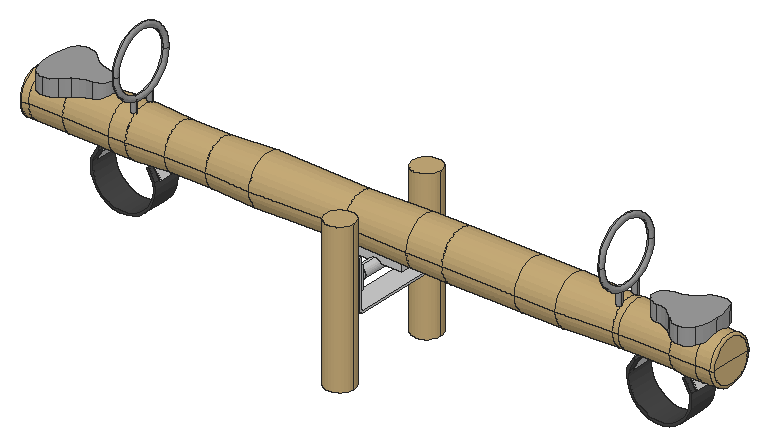
Revit family "L-FUP_시소_BN-02_예건", category 일반 모델, Revit 2019
Family settings
  보강 철근 호스트 가능 = 아니오
  원형 커넥터 치수 = 지름 사용
  부품 유형 = 보통
  작업 기준면 기반 = 아니오
  항상 수직 = 예
  로드될 때 보이드를 사용하여 절단 = 아니오
  공유 = 아니오
  룸 계산 점 = 아니오
Parameters
  한국산업규격KS = ""
  조달청표준공사코드-세부공종 = ""
  건설정보분류체계-부위분류 = "E94345"
  LIM_INFO_주의사항 = "재배포, 재가공, 판매 금지"
  LIM_INFO_제품업체 = "예건"
  LIM_INFO_제품번호 = "BN-02"
  LIM_INFO_제품명 = "숲속시소_BN-02"
  LIM_INFO_제작일 = "2021.12."
  LIM_INFO_재료 = "아까시 기둥, 우레탄 안장, STS-pipe"
  LIM_INFO_업체정보 = ""
  LIM_INFO_업체URL = "https://yekun.com/"
  LIM_INFO_업체TEL = "(+82)31-943-6114"
  LIM_INFO_업체EMAIL = "yekun@yekun.com"
  LIM_INFO_버전 = "2022_V01"
  LIM_INFO_기타정보 = "2인용"
  LIM_INFO_규격 = "W3000 x D600 x H880 / 안전거리 : 5000 x 2600"
  LIM_INFO_가격 = 0
  LIM_INFO_PV_포장재여부 = yes
  LIM_INFO_PV_면적 = 0.00 m²
  KBIMS_식별-버전 = ""
  KBIMS_식별-bSK등록번호 = ""
  KBIMS_보급정보-저작자 = "림인포테크_MMJ"
  KBIMS_보급정보-보급코드 = ""
Reference planes
  plane 1 "중심(앞/뒤)": y = 0
  plane 2: z = 0
  plane 3 "중심(왼쪽/오른쪽)": x = 0
Dimensions and locks
  aligned and locked: level to plane 2
Nested families
  nested 1: "패밀리18" at (0, 0, 0), type "패밀리18"
Definition of nested family "패밀리18"
  Reference planes
    plane 1 "중심(앞/뒤)": y = 0
    plane 2: z = 0
    plane 3 "중심(왼쪽/오른쪽)": x = 0
  Forms (mm)
    Revolve 1, solid, detail levels fine
      sketch origin (-1281.465, -3894.554, 510) x (1, 0, 0) y (0, 1, 0)
        loop
          line (1281.465, 4206.361) -> (1281.465, 4116.365)
          arc (1281.465, 4116.365) -> (1284.504, 4109.186) -> (1291.774, 4106.37) r 10
          line (1291.774, 4106.37) -> (1321.169, 4107.281) -> (1466.913, 4107.281)
          spline (1466.913, 4107.281) -> (1483.953, 4106.767) -> (1500.993, 4106.2) -> (1518.033, 4105.597) -> (1535.075, 4104.978) -> (1552.116, 4104.361) -> (1569.159, 4103.767) -> (1586.203, 4103.213) -> (1603.248, 4102.72) -> (1620.295, 4102.303) -> (1637.342, 4101.971) -> (1654.39, 4101.728) -> (1671.436, 4101.579)
          line (1671.436, 4101.579) -> (1743.94, 4101.579)
          arc (1743.94, 4101.579) -> (1825.136, 4103.382) -> (1906.172, 4108.787) r 1829.343
          arc (1906.172, 4108.787) -> (1995.032, 4112.735) -> (2083.892, 4108.787) r 1001.995
          arc (2083.892, 4108.787) -> (2181.241, 4102.758) -> (2278.774, 4101.981) r 1810.006
          arc (2278.774, 4101.981) -> (2481.219, 4106.774) -> (2683.701, 4109.67) r 21613.686
          arc (2683.701, 4109.67) -> (2821.218, 4108.478) -> (2958.601, 4102.26) r 3760.867
          arc (2958.601, 4102.26) -> (3036.101, 4099.797) -> (3113.601, 4102.26) r 1220.905
          arc (3113.601, 4102.26) -> (3271.101, 4107.264) -> (3428.601, 4102.26) r 2481.194
          arc (3428.601, 4102.26) -> (3516.101, 4099.48) -> (3603.601, 4102.26) r 1378.441
          arc (3603.601, 4102.26) -> (3722.827, 4110.277) -> (3842.315, 4111.578) r 2124.347
          line (3842.315, 4111.578) -> (3871.436, 4111.076)
          spline (3871.436, 4111.076) -> (3908.661, 4110.732) -> (3926.177, 4110.776) -> (3942.701, 4110.969) -> (3959.225, 4111.242) -> (3975.748, 4111.536) -> (3992.267, 4111.79) -> (4008.781, 4111.947) -> (4025.288, 4111.945) -> (4041.786, 4111.726) -> (4058.274, 4111.23) -> (4074.75, 4110.398) -> (4091.211, 4109.171)
          arc (4091.211, 4109.171) -> (4149.58, 4103.919) -> (4208.173, 4105.014) r 540.713
          spline (4208.173, 4105.014) -> (4213.425, 4105.266) -> (4218.677, 4105.507) -> (4223.929, 4105.73) -> (4229.181, 4105.926) -> (4234.433, 4106.086) -> (4239.685, 4106.202) -> (4244.936, 4106.276) -> (4250.187, 4106.312) -> (4255.438, 4106.315) -> (4260.689, 4106.293) -> (4265.939, 4106.249) -> (4271.189, 4106.189)
          arc (4271.189, 4106.189) -> (4278.341, 4109.073) -> (4281.315, 4116.188) r 10
          line (4281.315, 4116.188) -> (4281.315, 4206.361) -> (1281.465, 4206.361)
        axis (1281.465, 4206.361) -> (4281.315, 4206.361)
      angle from 0 to 360
    Extrusion 2, solid, detail levels fine
      sketch origin (-1281.465, -10521.556, 6210.424) x (0, 1, 0) y (0, 0, 1)
        loop
          arc (10998.966, -5945.286) -> (11012.401, -5939.721) -> (11017.966, -5926.286) r 19
          line (11017.966, -5926.286) -> (11017.966, -5726.286) -> (11008.966, -5726.286) -> (11008.966, -5926.286)
          arc (11008.966, -5926.286) -> (11006.037, -5933.357) -> (10998.966, -5936.286) r 10
          line (10998.966, -5936.286) -> (10656.794, -5936.286)
          arc (10656.794, -5936.286) -> (10649.723, -5933.357) -> (10646.794, -5926.286) r 10
          line (10646.794, -5926.286) -> (10646.794, -5726.286) -> (10637.794, -5726.286) -> (10637.794, -5926.286)
          arc (10637.794, -5926.286) -> (10643.359, -5939.721) -> (10656.794, -5945.286) r 19
          line (10656.794, -5945.286) -> (10998.966, -5945.286)
      from 2733 to 2830
    Extrusion 3, solid, detail levels fine
      sketch origin (-1281.465, -10521.556, 6210.424) x (0, 1, 0) y (0, 0, 1)
        loop
          line (10997.766, -5738.786) -> (10997.766, -5913.786) -> (11008.966, -5913.786) -> (11008.966, -5738.786) -> (10997.766, -5738.786)
        loop
          line (10657.994, -5738.786) -> (10646.794, -5738.786) -> (10646.794, -5913.786) -> (10657.994, -5913.786) -> (10657.994, -5738.786)
      from 2743 to 2820
    Extrusion 4, solid, detail levels fine
      sketch origin (-1281.465, -10521.556, 6210.424) x (0, 1, 0) y (0, 0, 1)
        loop
          line (10997.766, -5776.286) -> (10994.966, -5776.286) -> (10972.966, -5776.286) -> (10972.966, -5876.286) -> (10994.966, -5876.286) -> (10997.766, -5876.286) -> (10997.766, -5776.286)
        loop
          line (10657.994, -5776.286) -> (10657.994, -5876.286) -> (10660.794, -5876.286) -> (10682.794, -5876.286) -> (10682.794, -5776.286) -> (10660.794, -5776.286) -> (10657.994, -5776.286)
      from 2753 to 2810
    Extrusion 5, solid, detail levels fine
      sketch origin (-1281.465, -3894.554, 0) x (1, 0, 0) y (0, 1, 0)
        loop
          circle (2781.465, 4435.998) r 60
        loop
          circle (2781.465, 3965.998) r 60
      from 0 to 640
    Revolve 6, solid, detail levels fine
      sketch origin (1500.657, -10521.556, 6210.424) x (0, 1, 0) y (0, 0, 1)
        loop
          line (10972.966, -5826.286) -> (10957.766, -5826.286) -> (10957.766, -5850.953)
          arc (10957.766, -5850.953) -> (10958.352, -5852.367) -> (10959.766, -5852.953) r 2
          line (10959.766, -5852.953) -> (10972.966, -5852.953) -> (10972.966, -5826.286)
        axis (10972.966, -5826.286) -> (10957.766, -5826.286)
      angle from 0 to 360
    Revolve 7, solid, detail levels fine
      sketch origin (1500.657, -10521.556, 6210.424) x (0, 1, 0) y (0, 0, 1)
        loop
          line (10697.994, -5826.286) -> (10682.794, -5826.286) -> (10682.794, -5852.953) -> (10695.994, -5852.953)
          arc (10695.994, -5852.953) -> (10697.409, -5852.367) -> (10697.994, -5850.953) r 2
          line (10697.994, -5850.953) -> (10697.994, -5826.286)
        axis (10697.994, -5826.286) -> (10682.794, -5826.286)
      angle from 0 to 360
    Revolve 8, solid, detail levels fine
      sketch origin (1500.657, -10521.556, 6210.424) x (0, 1, 0) y (0, 0, 1)
        loop
          line (10957.766, -5826.286) -> (10697.994, -5826.286) -> (10697.994, -5851.046) -> (10957.766, -5851.046) -> (10957.766, -5826.286)
        axis (10697.994, -5826.286) -> (10957.766, -5826.286)
      angle from 0 to 360
    Extrusion 9, solid, detail levels fine
      sketch origin (-1281.465, -3894.554, 0) x (0, 1, 0) y (0, 0, 1)
        loop
          line (4155.508, 445.516) -> (4155.508, 393.555) -> (4245.508, 393.555) -> (4245.508, 445.516) -> (4155.508, 445.516)
      from 2655 to 2900
    Sweep 10, solid, detail levels fine
      path origin (450, -3894.554, 0) x (0, 1, 0) y (0, 0, 1)
        loop
          circle (4200.508, 778.956) r 135
      profile "시소손잡이_프로파일 : 시소손잡이_프로파일" origin (450, 305.953, 913.956) x (0, 0, -1) y (1, 0, 0)
        loop
          circle (0, 0) r 10.85
    Sweep 11, solid, detail levels fine
      path origin (2550, -3894.554, 0) x (0, 1, 0) y (0, 0, 1)
        loop
          circle (4200.508, 778.956) r 135
      profile "시소손잡이_프로파일 : 시소손잡이_프로파일" origin (2550, 305.953, 913.956) x (0, 0, -1) y (1, 0, 0)
        loop
          circle (0, 0) r 10.85
    Extrusion 12, solid, detail levels fine
      sketch origin (-1281.465, -3894.554, 0) x (1, 0, 0) y (0, 1, 0)
        loop
          circle (3831.465, 4251.724) r 10.85
        loop
          circle (3831.465, 4164.224) r 10.85
        loop
          circle (1731.465, 4251.724) r 10.85
        loop
          circle (1731.465, 4164.224) r 10.85
      from 582.104 to 648.646
    Extrusion 13, solid, detail levels fine
      sketch origin (-1281.465, -3894.554, 0) x (1, 0, 0) y (0, 1, 0)
        loop
          arc (4157.11, 4074.187) -> (4187.462, 4081.885) -> (4208.29, 4105.267) r 53.435
          arc (4208.29, 4105.267) -> (4222.668, 4151.232) -> (4227.11, 4199.187) r 228.88
          arc (4227.11, 4199.187) -> (4222.668, 4247.143) -> (4208.29, 4293.108) r 228.88
          arc (4208.29, 4293.108) -> (4187.462, 4316.49) -> (4157.11, 4324.187) r 53.435
          arc (4157.11, 4324.187) -> (4128.633, 4318.948) -> (4104.22, 4303.381) r 75.533
          arc (4104.22, 4303.381) -> (4089.5, 4287.555) -> (4072.938, 4273.668) r 174.798
          arc (4072.938, 4273.668) -> (4039.196, 4256.59) -> (4002.11, 4249.187) r 139.723
          arc (4002.11, 4249.187) -> (3952.116, 4199.187) -> (4002.11, 4149.187) r 50
          arc (4002.11, 4149.187) -> (4039.307, 4142.106) -> (4072.938, 4124.707) r 131.356
          arc (4072.938, 4124.707) -> (4089.5, 4110.82) -> (4104.22, 4094.994) r 174.798
          arc (4104.22, 4094.994) -> (4128.633, 4079.426) -> (4157.11, 4074.187) r 75.533
        loop
          arc (1560.82, 4252.175) -> (1523.734, 4259.578) -> (1489.992, 4276.655) r 139.723
          arc (1489.992, 4276.655) -> (1473.43, 4290.543) -> (1458.709, 4306.368) r 174.798
          arc (1458.709, 4306.368) -> (1434.296, 4321.936) -> (1405.82, 4327.175) r 75.533
          arc (1405.82, 4327.175) -> (1375.468, 4319.477) -> (1354.639, 4296.095) r 53.435
          arc (1354.639, 4296.095) -> (1340.261, 4250.131) -> (1335.82, 4202.175) r 228.88
          arc (1335.82, 4202.175) -> (1340.261, 4154.219) -> (1354.639, 4108.254) r 228.88
          arc (1354.639, 4108.254) -> (1375.468, 4084.872) -> (1405.82, 4077.175) r 53.435
          arc (1405.82, 4077.175) -> (1434.296, 4082.414) -> (1458.709, 4097.981) r 75.533
          arc (1458.709, 4097.981) -> (1473.43, 4113.807) -> (1489.992, 4127.695) r 174.798
          arc (1489.992, 4127.695) -> (1523.623, 4145.093) -> (1560.82, 4152.175) r 131.356
          arc (1560.82, 4152.175) -> (1610.814, 4202.175) -> (1560.82, 4252.175) r 50
      from 590 to 660
    Extrusion 14, solid, detail levels fine
      sketch origin (-1281.465, -3894.554, 4261.279) x (1, 0, 0) y (0, 0, 1)
        loop
          line (1814.681, -3836.919) -> (1844.681, -3888.88) -> (1849.877, -3885.88) -> (1818.145, -3830.919) -> (1591.217, -3830.919) -> (1559.485, -3885.88) -> (1564.681, -3888.88) -> (1594.681, -3836.919) -> (1814.681, -3836.919)
        loop
          line (1612.404, -3840.223) -> (1607.207, -3837.223) -> (1574.207, -3894.38) -> (1579.404, -3897.38) -> (1612.404, -3840.223)
        loop
          line (1799.959, -3845.419) -> (1829.959, -3897.38) -> (1835.155, -3894.38) -> (1805.155, -3842.419) -> (1799.959, -3845.419)
        loop
          line (3914.609, -3836.919) -> (4134.609, -3836.919) -> (4164.609, -3888.88) -> (4169.805, -3885.88) -> (4138.073, -3830.919) -> (3911.145, -3830.919) -> (3879.413, -3885.88) -> (3884.609, -3888.88) -> (3914.609, -3836.919)
        loop
          line (3894.135, -3894.38) -> (3899.331, -3897.38) -> (3929.331, -3845.419) -> (3924.135, -3842.419) -> (3894.135, -3894.38)
        loop
          line (4116.886, -3840.223) -> (4149.886, -3897.38) -> (4155.082, -3894.38) -> (4122.082, -3837.223) -> (4116.886, -3840.223)
      from -4240 to -4160
    Extrusion 15, solid, detail levels fine
      sketch origin (-1281.465, -3894.554, 4261.279) x (1, 0, 0) y (0, 0, 1)
        loop
          arc (1574.326, -3894.479) -> (1574.777, -3892.723) -> (1575.537, -3891.077) r 10
          line (1575.537, -3891.077) -> (1603.774, -3842.169) -> (1595.114, -3837.169) -> (1565.113, -3889.132)
          arc (1565.113, -3889.132) -> (1705.009, -4057.402) -> (1843.654, -3888.101) r 141.852
          line (1843.654, -3888.101) -> (1814.248, -3837.169) -> (1805.588, -3842.169) -> (1833.713, -3890.883)
          arc (1833.713, -3890.883) -> (1834.081, -3891.67) -> (1834.306, -3892.509) r 5
          arc (1834.306, -3892.509) -> (1705.482, -4047.399) -> (1574.326, -3894.479) r 131.852
        loop
          line (4164.177, -3889.132) -> (4134.176, -3837.169) -> (4125.515, -3842.169) -> (4153.753, -3891.077)
          arc (4153.753, -3891.077) -> (4154.513, -3892.723) -> (4154.964, -3894.479) r 10
          arc (4154.964, -3894.479) -> (4023.808, -4047.399) -> (3894.984, -3892.509) r 131.852
          arc (3894.984, -3892.509) -> (3895.209, -3891.67) -> (3895.577, -3890.883) r 5
          line (3895.577, -3890.883) -> (3923.702, -3842.169) -> (3915.042, -3837.169) -> (3885.636, -3888.101)
          arc (3885.636, -3888.101) -> (4024.281, -4057.402) -> (4164.177, -3889.132) r 141.852
      from -4260 to -4140
    Extrusion 16, solid, detail levels coarse+medium
      sketch origin (-1281.465, -3894.554, 0) x (0, 1, 0) y (0, 0, 1)
        loop
          line (4305.777, 553.762) -> (4247.198, 612.341) -> (4164.355, 612.341) -> (4105.777, 553.762) -> (4105.777, 470.92) -> (4164.355, 412.341) -> (4247.198, 412.341) -> (4305.777, 470.92) -> (4305.777, 553.762)
      from 1281.465 to 4281.315
    Extrusion 17, solid, detail levels coarse+medium
      sketch origin (-1281.465, -3894.554, 0) x (1, 0, 0) y (0, 1, 0)
        loop
          line (2840.043, 4459.451) -> (2804.896, 4494.599) -> (2755.19, 4494.599) -> (2720.043, 4459.451) -> (2720.043, 4409.746) -> (2755.19, 4374.599) -> (2804.896, 4374.599) -> (2840.043, 4409.746) -> (2840.043, 4459.451)
        loop
          line (2844.231, 3991.878) -> (2809.084, 4027.025) -> (2759.378, 4027.025) -> (2724.231, 3991.878) -> (2724.231, 3942.173) -> (2759.378, 3907.025) -> (2809.084, 3907.025) -> (2844.231, 3942.173) -> (2844.231, 3991.878)
      from 0 to 640
    Extrusion 18, solid, detail levels coarse+medium
      sketch origin (-1281.465, -3894.554, 0) x (0, 1, 0) y (0, 0, 1)
        loop
          line (4381.964, 274.137) -> (4019.792, 274.137) -> (4019.792, 484.137) -> (4010.792, 484.137) -> (4010.792, 265.137) -> (4390.964, 265.137) -> (4390.964, 484.137) -> (4381.964, 484.137) -> (4381.964, 274.137)
      from 2733 to 2830
    Extrusion 19, solid, detail levels coarse+medium
      sketch origin (-1281.465, -3894.554, 0) x (1, 0, 0) y (0, 0, 1)
        loop
          line (2770.637, 412.341) -> (2754.506, 396.21) -> (2754.506, 373.397) -> (2770.637, 357.266) -> (2793.45, 357.266) -> (2809.581, 373.397) -> (2809.581, 396.21) -> (2793.45, 412.341) -> (2770.637, 412.341)
      from -4390.964 to -3991.878
    Extrusion 20, solid, detail levels coarse+medium
      sketch origin (-1281.465, -3894.554, 0) x (1, 0, 0) y (0, 1, 0)
        loop
          line (1354.639, 4296.095) -> (1340.526, 4251.429) -> (1335.82, 4202.175) -> (1337.97, 4167.749) -> (1345.193, 4134.291) -> (1357.86, 4102.273) -> (1378.433, 4083.199) -> (1396.927, 4077.48) -> (1413.483, 4077.48) -> (1438.334, 4084.139) -> (1456.392, 4095.866) -> (1468.671, 4109.11) -> (1481.238, 4120.791) -> (1500.92, 4134.738) -> (1523.623, 4145.093) -> (1544.835, 4150.495) -> (1560.82, 4152.175) -> (1575.967, 4154.526) -> (1594.502, 4165.227) -> (1608.79, 4188.093) -> (1609.999, 4211.165) -> (1601.268, 4231.559) -> (1584.282, 4246.325) -> (1560.82, 4252.175) -> (1523.567, 4259.635) -> (1482.9, 4282.178) -> (1458.709, 4306.368) -> (1434.296, 4321.936) -> (1403.203, 4327.239) -> (1375.468, 4319.477) -> (1354.639, 4296.095)
        loop
          line (4209.085, 4108.624) -> (4223.199, 4153.29) -> (4227.905, 4202.545) -> (4225.755, 4236.97) -> (4218.531, 4270.428) -> (4205.865, 4302.446) -> (4185.292, 4321.521) -> (4166.798, 4327.239) -> (4150.242, 4327.239) -> (4125.391, 4320.58) -> (4107.333, 4308.853) -> (4095.053, 4295.609) -> (4082.486, 4283.929) -> (4062.805, 4269.981) -> (4040.102, 4259.626) -> (4018.89, 4254.225) -> (4002.905, 4252.545) -> (3987.758, 4250.193) -> (3969.223, 4239.492) -> (3954.935, 4216.627) -> (3953.726, 4193.555) -> (3962.456, 4173.16) -> (3979.443, 4158.394) -> (4002.905, 4152.545) -> (4040.157, 4145.084) -> (4080.825, 4122.542) -> (4105.015, 4098.351) -> (4129.428, 4082.784) -> (4160.522, 4077.48) -> (4188.257, 4085.242) -> (4209.085, 4108.624)
      from 590 to 660
    Extrusion 21, solid, detail levels coarse+medium
      sketch origin (-1281.465, -3894.554, 4261.279) x (1, 0, 0) y (0, 0, 1)
        loop
          line (1814.681, -3836.919) -> (1844.681, -3888.88) -> (1849.877, -3885.88) -> (1818.145, -3830.919) -> (1591.217, -3830.919) -> (1559.485, -3885.88) -> (1564.681, -3888.88) -> (1594.681, -3836.919) -> (1814.681, -3836.919)
        loop
          line (1612.404, -3840.223) -> (1607.207, -3837.223) -> (1574.207, -3894.38) -> (1579.404, -3897.38) -> (1612.404, -3840.223)
        loop
          line (1799.959, -3845.419) -> (1829.959, -3897.38) -> (1835.155, -3894.38) -> (1805.155, -3842.419) -> (1799.959, -3845.419)
        loop
          line (3914.609, -3836.919) -> (4134.609, -3836.919) -> (4164.609, -3888.88) -> (4169.805, -3885.88) -> (4138.073, -3830.919) -> (3911.145, -3830.919) -> (3879.413, -3885.88) -> (3884.609, -3888.88) -> (3914.609, -3836.919)
        loop
          line (3894.135, -3894.38) -> (3899.331, -3897.38) -> (3929.331, -3845.419) -> (3924.135, -3842.419) -> (3894.135, -3894.38)
        loop
          line (4116.886, -3840.223) -> (4149.886, -3897.38) -> (4155.082, -3894.38) -> (4122.082, -3837.223) -> (4116.886, -3840.223)
      from -4240 to -4160
    Extrusion 22, solid, detail levels coarse+medium
      sketch origin (-1281.465, -3894.554, 0) x (1, 0, 0) y (0, 0, 1)
        loop
          line (1843.363, 373.682) -> (1814.248, 424.11) -> (1805.588, 419.11) -> (1832.986, 371.654) -> (1833.429, 321.254) -> (1814.248, 273.772) -> (1778.356, 237.244) -> (1731.218, 217.232) -> (1680.01, 216.782) -> (1632.527, 235.963) -> (1595.999, 271.855) -> (1575.987, 318.993) -> (1575.537, 370.201) -> (1603.774, 419.11) -> (1595.114, 424.11) -> (1565.113, 372.146) -> (1565.612, 316.801) -> (1587.253, 265.859) -> (1626.741, 227.077) -> (1678.065, 206.358) -> (1733.41, 206.857) -> (1784.352, 228.498) -> (1823.134, 267.986) -> (1843.853, 319.309) -> (1843.363, 373.682)
        loop
          line (4163.29, 373.682) -> (4134.176, 424.11) -> (4125.515, 419.11) -> (4152.914, 371.654) -> (4153.357, 321.254) -> (4134.176, 273.772) -> (4098.284, 237.244) -> (4051.146, 217.232) -> (3999.937, 216.782) -> (3952.455, 235.963) -> (3915.927, 271.855) -> (3895.914, 318.993) -> (3895.465, 370.201) -> (3923.702, 419.11) -> (3915.042, 424.11) -> (3885.041, 372.146) -> (3885.54, 316.801) -> (3907.18, 265.859) -> (3946.668, 227.077) -> (3997.992, 206.358) -> (4053.338, 206.857) -> (4104.279, 228.498) -> (4143.062, 267.986) -> (4163.781, 319.309) -> (4163.29, 373.682)
      from -4260 to -4140
    Extrusion 23, solid, detail levels coarse+medium
      sketch origin (-1281.465, -3894.554, 0) x (1, 0, 0) y (0, 1, 0)
        loop
          line (3842.306, 4251.291) -> (3839.117, 4258.991) -> (3831.417, 4262.181) -> (3823.717, 4258.991) -> (3820.527, 4251.291) -> (3823.717, 4243.591) -> (3831.417, 4240.401) -> (3839.117, 4243.591) -> (3842.306, 4251.291)
        loop
          line (3842.306, 4163.039) -> (3839.117, 4170.739) -> (3831.417, 4173.929) -> (3823.717, 4170.739) -> (3820.527, 4163.039) -> (3823.717, 4155.339) -> (3831.417, 4152.15) -> (3839.117, 4155.339) -> (3842.306, 4163.039)
        loop
          line (1742.997, 4251.291) -> (1739.808, 4258.991) -> (1732.108, 4262.181) -> (1724.408, 4258.991) -> (1721.218, 4251.291) -> (1724.408, 4243.591) -> (1732.108, 4240.401) -> (1739.808, 4243.591) -> (1742.997, 4251.291)
        loop
          line (1742.997, 4163.039) -> (1739.808, 4170.739) -> (1732.108, 4173.929) -> (1724.408, 4170.739) -> (1721.218, 4163.039) -> (1724.408, 4155.339) -> (1732.108, 4152.15) -> (1739.808, 4155.339) -> (1742.997, 4163.039)
      from 582.1 to 648.6
    Sweep 24, solid, detail levels coarse+medium
      path origin (450.643, -3894.554, 0) x (0, 1, 0) y (0, 0, 1)
        loop
          line (4295.948, 684.364) -> (4325.212, 728.162) -> (4335.488, 779.824) -> (4325.212, 831.486) -> (4295.948, 875.283) -> (4252.151, 904.548) -> (4200.488, 914.824) -> (4148.826, 904.548) -> (4105.029, 875.283) -> (4075.765, 831.486) -> (4065.488, 779.824) -> (4075.765, 728.162) -> (4105.029, 684.364) -> (4148.826, 655.1) -> (4200.488, 644.824) -> (4252.151, 655.1) -> (4295.948, 684.364)
      profile "시소손잡이_프로파일_낮음 : 시소손잡이_프로파일_낮음" origin (450.643, 416.026, 706.263) x (0, -0.83147, 0.55557) y (1, 0, 0)
        loop
          line (10.9, 0) -> (7.707, 7.707) -> (0, 10.9) -> (-7.707, 7.707) -> (-10.9, 0) -> (-7.707, -7.707) -> (0, -10.9) -> (7.707, -7.707) -> (10.9, 0)
    Sweep 25, solid, detail levels coarse+medium
      path origin (2549.952, -3894.554, 0) x (0, 1, 0) y (0, 0, 1)
        loop
          line (4295.948, 684.364) -> (4325.212, 728.162) -> (4335.488, 779.824) -> (4325.212, 831.486) -> (4295.948, 875.283) -> (4252.151, 904.548) -> (4200.488, 914.824) -> (4148.826, 904.548) -> (4105.029, 875.283) -> (4075.765, 831.486) -> (4065.488, 779.824) -> (4075.765, 728.162) -> (4105.029, 684.364) -> (4148.826, 655.1) -> (4200.488, 644.824) -> (4252.151, 655.1) -> (4295.948, 684.364)
      profile "시소손잡이_프로파일_낮음 : 시소손잡이_프로파일_낮음" origin (2549.952, 416.026, 706.263) x (0, -0.83147, 0.55557) y (1, 0, 0)
        loop
          line (10.9, 0) -> (7.707, 7.707) -> (0, 10.9) -> (-7.707, 7.707) -> (-10.9, 0) -> (-7.707, -7.707) -> (0, -10.9) -> (7.707, -7.707) -> (10.9, 0)
  Lines and regions (mm)
    symbolic lines
      curve 1: circle (1496.964, 543.4, 0) r 63.4 normal (0, 0, 1)
      curve 2: circle (1496.964, 63.4, 0) r 63.4 normal (0, 0, 1)
      curve 3: line (1548.535, 496.409, 0) -> (1451.535, 496.409, 0)
      curve 4: line (1548.535, 116.238, 0) -> (1548.535, 496.409, 0)
      curve 5: line (1451.535, 116.238, 0) -> (1548.535, 116.238, 0)
      curve 6: line (1451.535, 496.409, 0) -> (1451.535, 116.238, 0)
      curve 7: line (0, 411.222, 0) -> (2999.85, 411.222, 0)
      curve 8: line (0, 211.222, 0) -> (0, 411.222, 0)
      curve 9: line (2999.85, 211.222, 0) -> (0, 211.222, 0)
      curve 10: line (2999.85, 411.222, 0) -> (2999.85, 211.222, 0)
      curve 11: line (473.827, 411.222, 0) -> (473.827, 211.222, 0)
      curve 12: line (2524.85, 411.222, 0) -> (2524.85, 211.222, 0)
  Dimensions and locks
    aligned and locked: level to plane 2
